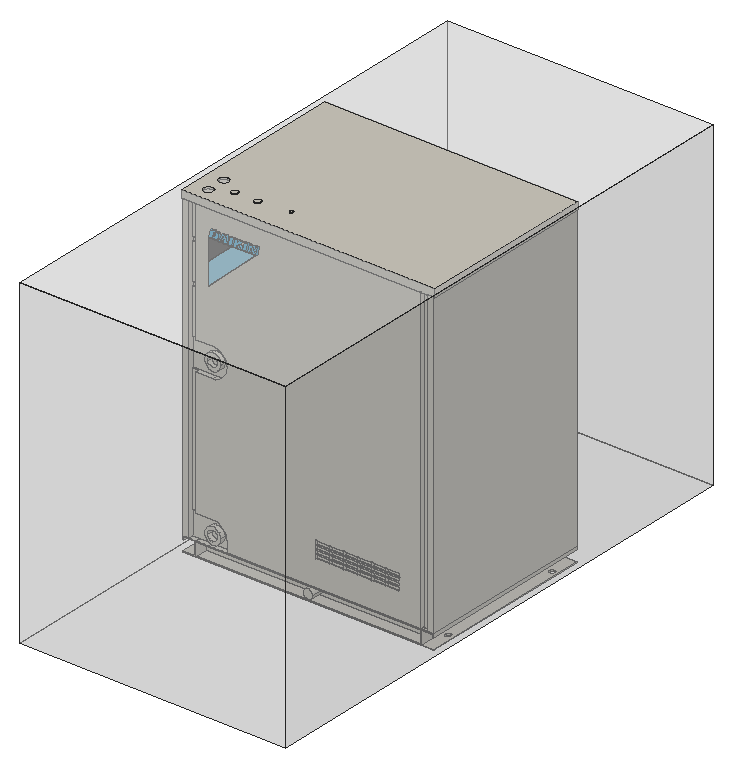
Revit family "outputfile", category 機械設備, Revit 2024
Family settings
  丸型コネクタ寸法 = 半径を使用
  種別 = なし
  パーツ タイプ = 標準
  OmniClass 番号 = 23.75.10.24.21.27.27
  OmniClass タイトル = Split System Air Conditioning Units
  作業面ベース = いいえ
  常に垂直 = はい
  ロード時にボイドで切り取り = いいえ
  注釈の向きを維持 = いいえ
  共有 = いいえ
  部屋計算ポイント = いいえ
Parameters (values of type "RWEYQ6TY14")
  製造元 = "Daikin"
  書き出し IFC クラス(タイプ) = "IfcUnitaryEquipmentType"
  定義済み IFC タイプ(タイプ) = "AIRCONDITIONINGUNIT"
  モデル = "RWEYQ6TY14"
  switch_unit1_6-8 = yes
  switch_unit1_12 = no
  switch_unit1_10 = no
  r_Water Outlet Pipe Connection_unit = Water Outlet Pipe Connection_Unit1 / 2  # 15.9 mm
  r_Water Inlet Pipe Connection_unit = Water Inlet Pipe Connection_Unit1 / 2  # 15.9 mm
  r_Drain Pipe Size = Drain Pipe Size / 2  # 6.35 mm
  lw_Water Outlet = 95.0 mm
  lw_Water Inlet = 95.0 mm
  lw_Drain = 390.0 mm
  angle_Drain [instance] = if(Rear Connection_Drain, 180.00°, 0.00°)  # 0.00°
  r_HP/LP Gas Pipe Size [instance] = [HP/LP Gas Pipe Size_Unit 1] / 2  # 9.55 mm
  lw_HP/LP Gas Pipe [instance] = if(Heat Pump, 178.0 mm, 107.0 mm)  # 178.0 mm
  ld_HP/LP Gas Pipe = 69.0 mm
  h_mountinghole = [h_***] + 2.3 mm  # 2.3 mm
  r_Liquid Pipe Size = Liquid Pipe Size_Unit 1 / 2  # 4.75 mm
  r_Gas Pipe Size = Gas Pipe Size_Unit 1 / 2  # 9.55 mm
  Water Outlet Pipe Connection_Unit1 = 31.8 mm
  Water Inlet Pipe Connection_Unit1 = 31.8 mm
  Voltage_comment_50Hz = "380-415"
  Voltage_50Hz = 400 V
  Top Connection_powersupply2 [instance] = not(Top Connection_powersupply1)  # no
  Sound Power Level (dB) = 64
  Rear Connection_Drain [instance] = not(Front Connection_Drain)  # no
  Power Input (Heating) = 2.690 kW
  Phase_50Hz = 3
  Nominal Heating Capacity = 18.000 kW
  Minimum Circuit Amps_50Hz = 13.6 A
  Maximum Fuse Amps_50Hz = 15.0 A
  Material_Heat Exchanger = DAIKIN_Blue_HE_outdoorunit
  Material_Casing = DAIKIN_IvoryWhite_Casing_outdoorunit
  lw_powersupply = 51.0 mm
  lw_liquidpipe = 274.0 mm
  lw_gaspipe [instance] = if(Heat Pump, 107.0 mm, 178.0 mm)  # 107.0 mm
  lh_powersupply = 940.0 mm
  ld_powersupply [instance] = if(Top Connection_powersupply1, 38.0 mm, 98.0 mm)  # 38.0 mm
  ld_liquidpipe = 79.0 mm
  ld_gaspipe = 69.0 mm
  h_*** = 0.0 mm
  Width = 780.0 mm
  Version = "ver.1.0"
  Unit Type = ""
  Unit Mass Weight = 146.00 kg
  Unit Designation [instance] = ""
  Uniclass2015Version = "Products v1.30"
  Uniclass2015Title = "Variable refrigerant flow units"
  Uniclass2015Code = "Pr_70_65_03_94"
  Total Cooling Capacity [instance] = 0.000 kW
  Sound Pressure Level (dBA) = 49
  Series = "VRV Heat Recovery"
  Refrigerant_Base Charge = 3.500 kg
  Refrigerant_Additional Charge [instance] = 0.000 kg
  Refrigerant Type = "R410A"
  Power Input (Cooling) = 2.580 kW
  Option Accessory 3 [instance] = ""
  Option Accessory 2 [instance] = ""
  Option Accessory 1 [instance] = ""
  Nominal Cooling Capacity = 16.000 kW
  Load Classification = HVAC
  Liquid Pipe Size_Unit 1 = 9.5 mm
  Link_Nested Family [instance] = ""
  IfcVersion = ""
  IfcExportType = "AIRCONDITIONINGUNIT"
  IfcExportAs = "IfcUnitaryEquipmentType"
  Height = 1000.0 mm
  Heat Recovery [instance] = not(Heat Pump)  # no
  Heat Pump [instance] = yes
  Heat Exchanger Type = "Stainless Steel Plate"
  HP/LP Gas Pipe Size_Unit 1 [instance] = if(and(Heat Pump, [switch_unit1_6-8]), 19.1 mm, if(and(Heat Pump, switch_unit1_10), 22.2 mm, if(and(Heat Pump, switch_unit1_12), 22.2 mm, if(and(Heat Recovery, [switch_unit1_6-8]), 15.9 mm, if(and(Heat Recovery, switch_unit1_10), 19.1 mm, if(and(Heat Recovery, switch_unit1_12), 19.1 mm, 19.1 mm))))))  # 19.1 mm
  Gas Pipe Size_Unit 1 = 19.1 mm
  Top Connection_powersupply1 [instance] = yes
  Front Connection_Drain [instance] = yes
  Frequency_50Hz = 50 Hz
  Drain Pipe Size = 12.7 mm
  Depth = 550.0 mm
  既定の高さ = 0.0 mm
  Cooling Ambient Wet Bulb Temperature [instance] = 0.00 °C
  Cooling Ambient Dry Bulb Temperature [instance] = 0.00 °C
  Compressor Type = "Hermetically Sealed Scroll Type"
  Clearance visibility [instance] = yes
  Clearance Top = 0.0 mm
  Clearance Right = 20.0 mm
  Clearance Rear = 500.0 mm
  Clearance Left = 20.0 mm
  Clearance Front = 600.0 mm
  Clearance Bottom = 0.0 mm
  CU Tag No. [instance] = ""
Reference planes
  plane 1 "Center (Front/Back)": y = 0
  plane 2 "h_***": z = 0
  plane 3 "Center (Left/Right)": x = 0
  plane 4 "Back": y = 275
  plane 5 "Front": y = -275
  plane 6 "Left": x = -390
  plane 7 "Right": x = 390
  plane 8 "Top": z = 1000
  plane 9 "Clearance Rear": y = 775
  plane 10 "Clearance Front": y = -875
  plane 11 "Clearance Left": x = -410
  plane 12 "Clearance Right": x = 410
  plane 13 "Clearance Top": z = 1000
  plane 14 "Clearance Bottom": z = 0
  plane 15 "Bottom": z = 0
  plane 16 "lw_powersupply": x = -339
  plane 17 "ld_powersupply": y = -237
  plane 18 "lw_liquidpipe": x = -116
  plane 19 "Rear Connection_refrigetant": y = -196
  plane 20 "lw_gaspipe": x = -283
  plane 21 "ld_gaspipe": y = -206
  plane 22 "lh_logo": z = 900
  plane 23 "lw_logo": x = 100
  plane 24 "lh_powersupply": z = 940
  plane 25 "lw_HP/LP Gas Pipe": x = -212
  plane 26 "ld_HP/LP Gas Pipe": y = -206
  plane 27 "lw_powersupply6": x = -295
  plane 28 "lw_powersupply7": x = -295
  plane 29 "lw_powersupply8": x = 0
Dimensions and locks
  equal spacing: plane 4 "Back", plane 1 "Center (Front/Back)", plane 5 "Front"
  "Depth": plane 4 "Back" to plane 5 "Front"
  equal spacing: plane 6 "Left", plane 3 "Center (Left/Right)", plane 7 "Right"
  "Width": plane 6 "Left" to plane 7 "Right"
  "Clearance Rear": plane 9 "Clearance Rear" to plane 4 "Back"
  "Clearance Front": plane 10 "Clearance Front" to plane 5 "Front"
  "Clearance Left": plane 11 "Clearance Left" to plane 6 "Left"
  "Clearance Right": plane 7 "Right" to plane 12 "Clearance Right"
  "Clearance Top": plane 13 "Clearance Top" to plane 8 "Top"
  "h_***": plane 15 "Bottom" to plane 2 "h_***"
  "Height": plane 8 "Top" to plane 15 "Bottom"
  "Clearance Bottom": plane 15 "Bottom" to plane 14 "Clearance Bottom"
  "ld_powersupply": plane 17 "ld_powersupply" to plane 5 "Front"
  "ld_liquidpipe": plane 19 "Rear Connection_refrigetant" to plane 5 "Front"
  "ld_gaspipe": plane 21 "ld_gaspipe" to plane 5 "Front"
  locked: plane 23 "lw_logo" to plane 7 "Right" at 290
  locked: plane 22 "lh_logo" to plane 15 "Bottom" at 900
  "lw_gaspipe": plane 6 "Left" to plane 20 "lw_gaspipe"
  "lw_liquidpipe": plane 6 "Left" to plane 18 "lw_liquidpipe"
  "lw_powersupply": plane 6 "Left" to plane 16 "lw_powersupply"
  "lh_powersupply": plane 24 "lh_powersupply" to plane 15 "Bottom"
  "lw_HP/LP Gas Pipe": plane 6 "Left" to plane 25 "lw_HP/LP Gas Pipe"
  "ld_HP/LP Gas Pipe": plane 26 "ld_HP/LP Gas Pipe" to plane 5 "Front"
  "lw_Water Inlet": plane 6 "Left" to plane 27 "lw_powersupply6"
  "lw_Water Outlet": plane 6 "Left" to plane 28 "lw_powersupply7"
  "lw_Drain": plane 6 "Left" to plane 29 "lw_powersupply8"
  aligned and locked: level to plane 2 "h_***"
  aligned and locked: plane 9 "Clearance Rear" to nested 2
  aligned and locked: nested 2 to plane 10 "Clearance Front"
  aligned and locked: plane 11 "Clearance Left" to nested 2
  aligned and locked: plane 12 "Clearance Right" to nested 2
  aligned and locked: plane 13 "Clearance Top" to nested 2
  aligned and locked: plane 14 "Clearance Bottom" to nested 2
  aligned and locked: plane 8 "Top" to nested 1
  aligned and locked: plane 22 "lh_logo" to nested 7
  aligned and locked: nested 8 to plane 16 "lw_powersupply"
  aligned and locked: nested 9 to plane 20 "lw_gaspipe"
  aligned and locked: nested 10 to plane 18 "lw_liquidpipe"
  aligned and locked: nested 10 to plane 19 "Rear Connection_refrigetant"
  aligned and locked: nested 9 to plane 21 "ld_gaspipe"
  aligned and locked: nested 8 to plane 17 "ld_powersupply"
  aligned and locked: plane 5 "Front" to nested 7
  aligned and locked: plane 24 "lh_powersupply" to nested 8
  aligned and locked: plane 1 "Center (Front/Back)" to nested 11
  aligned and locked: plane 1 "Center (Front/Back)" to nested 12
  aligned and locked: plane 1 "Center (Front/Back)" to nested 13
  aligned and locked: plane 27 "lw_powersupply6" to nested 11
  aligned and locked: plane 28 "lw_powersupply7" to nested 12
  aligned and locked: plane 29 "lw_powersupply8" to nested 13
  aligned and locked: plane 25 "lw_HP/LP Gas Pipe" to nested 14
  aligned and locked: nested 14 to plane 26 "ld_HP/LP Gas Pipe"
Nested families
  nested 1: "DAIKIN_outdoorunit_RWEYQ-TY14" at (-31, 0, 0), h_*** <- "h_***", Link_Nest <- "Link_Nested Family", h_mountinghole <- "h_mountinghole", Width <- "Width", type "RWEYQ-TY14"
    with show_fixedhole yes, h_mountinghole 2.3 mm, h_antenna_mountinghole 998.7 mm, h_*** 0.0 mm, array_bolt 5, Width 780.0 mm, Link_Nest ""
  nested 2: "daikin_clearancespace" at (0, -50, 500.119), visible <- "Clearance visibility", show <- "Clearance visibility", Link_Nested Family <- "Link_Nested Family", type "daikin_clearancespace"
    with width 820.0 mm, show yes, height 1000.0 mm, depth 1650.0 mm, Link_Nested Family ""
  nested 3: "daikin_mountinghole" at (-372, 200, 0), type "daikin_mountinghole"
    with show yes, l_antenna 998.7 mm, h_mountinghole 2.3 mm, Link_Nested Family ""
  nested 4: "daikin_mountinghole" at (372, 200, 0), type "daikin_mountinghole"
    with show yes, l_antenna 998.7 mm, h_mountinghole 2.3 mm, Link_Nested Family ""
  nested 5: "daikin_mountinghole" at (-372, -200, 0), type "daikin_mountinghole"
    with show yes, l_antenna 998.7 mm, h_mountinghole 2.3 mm, Link_Nested Family ""
  nested 6: "daikin_mountinghole" at (372, -200, 0), type "daikin_mountinghole"
    with show yes, l_antenna 998.7 mm, h_mountinghole 2.3 mm, Link_Nested Family ""
  nested 7: "daikin_logo_elevation_w150" at (-212.5, -275, 744.568), type "daikin_logo_elevation_w150"
    with show_logo yes
  nested 8: "daikin_connector_rotate3" at (-339, -237, 940) x (-1, 0, 0) z (0, 0, -1), type "daikin_connector_rotate3"
    with show no, radius 10.0 mm, length 60.0 mm, angle_vertical 0.00°, angle_horizontal 0.00°
  nested 9: "daikin_connector_rotate3" at (-283, -206, 940) x (-1, 0, 0) z (0, 0, -1), radius <- "r_Gas Pipe Size", type "daikin_connector_rotate3"
    with show no, radius 9.55 mm, length 60.0 mm, angle_vertical 0.00°, angle_horizontal 0.00°
  nested 10: "daikin_connector_rotate3" at (-116, -196, 940) x (-1, 0, 0) z (0, 0, -1), radius <- "r_Liquid Pipe Size", type "daikin_connector_rotate3"
    with show no, radius 4.75 mm, length 60.0 mm, angle_vertical 0.00°, angle_horizontal 0.00°
  nested 11: "daikin_connector_rotate3" at (-295, 0, 76), radius <- "r_Water Inlet Pipe Connection_unit", type "daikin_connector_rotate3"
    with show no, radius 15.9 mm, length 275.0 mm, angle_vertical 90.00°, angle_horizontal 0.00°
  nested 12: "daikin_connector_rotate3" at (-295, 0, 556), radius <- "r_Water Outlet Pipe Connection_unit", type "daikin_connector_rotate3"
    with show no, radius 15.9 mm, length 275.0 mm, angle_vertical 90.00°, angle_horizontal 0.00°
  nested 13: "daikin_connector_rotate3" at (0, 0, 19), angle_horizontal <- "angle_Drain", radius <- "r_Drain Pipe Size", type "daikin_connector_rotate3"
    with show no, radius 6.35 mm, length 275.0 mm, angle_vertical 90.00°, angle_horizontal 0.00°
  nested 14: "daikin_connector_rotate3" at (-212, -206, 940) x (1, 0, 0) z (0, 0, -1), radius <- "r_HP/LP Gas Pipe Size", type "daikin_connector_rotate3"
    with show no, radius 9.55 mm, length 60.0 mm, angle_vertical 0.00°, angle_horizontal 0.00°
Connectors
  piping at (-116, -196, 1000), diameter 9.5, driven by "r_Liquid Pipe Size"
    settings: on nested 10, index 12, connector inside diameter 609.6 mm, connector length 0.0 mm, flow factor 0, pipe flow 0.00 m³/h, pressure drop 0.0 Pa, fitting loss kfactor 0, connector angle 0.00°, fixture units 0, engagement length 0.0 mm, angle of deflection 0.00°, flow configuration 0, flow direction 2, fitting loss method 0, system type 29, joint type 0, gender type 0, connector reference index -1, connector utility 0, adjustable connector no, is connector primary no, connector description "Refrigerant Liquid Piping"
  electrical at (-339, -237, 1000), driven by "Load Classification"
    settings: on nested 8, index 13, voltage 0 V, apparent load 0 VA, apparent load phase1 0 VA, apparent load phase2 0 VA, apparent load phase3 0 VA, power factor 1, load classification "HVAC", number of poles 1, system type 30, power factor state 1, is connector primary yes, connector utility no, sub classification motor no, connector description "Power Supply"
  piping at (-295, -275, 556), diameter 31.8, driven by "r_Water Outlet Pipe Connection_unit"
    settings: on nested 12, index 15, connector inside diameter 609.6 mm, connector length 0.0 mm, flow factor 0, pipe flow 0.00 m³/h, pressure drop 0.0 Pa, fitting loss kfactor 0, connector angle 0.00°, fixture units 0, engagement length 0.0 mm, angle of deflection 0.00°, flow configuration 1, flow direction 2, fitting loss method 0, system type 8, joint type 0, gender type 0, connector reference index -1, connector utility 0, adjustable connector no, is connector primary no, connector description "Cooling Water Outlet Piping"
  piping at (-295, -275, 76), diameter 31.8, driven by "r_Water Inlet Pipe Connection_unit"
    settings: on nested 11, index 16, connector inside diameter 609.6 mm, connector length 0.0 mm, flow factor 0, pipe flow 0.00 m³/h, pressure drop 0.0 Pa, fitting loss kfactor 0, connector angle 0.00°, fixture units 0, engagement length 0.0 mm, angle of deflection 0.00°, flow configuration 1, flow direction 1, fitting loss method 0, system type 7, joint type 0, gender type 0, connector reference index -1, connector utility 0, adjustable connector no, is connector primary no, connector description "Cooling Water Inlet  Piping"
  piping at (0, -275, 19), diameter 12.7, driven by "r_Drain Pipe Size"
    settings: on nested 13, index 17, connector inside diameter 609.6 mm, connector length 0.0 mm, flow factor 0, pipe flow 0.00 m³/h, pressure drop 0.0 Pa, fitting loss kfactor 0, connector angle 0.00°, fixture units 0, engagement length 0.0 mm, angle of deflection 0.00°, flow configuration 1, flow direction 2, fitting loss method 4, system type 16, joint type 0, gender type 0, connector reference index -1, connector utility 0, adjustable connector no, is connector primary no, connector description "Condensate Drain Piping"
  piping at (-212, -206, 1000), diameter 19.1, driven by "r_HP/LP Gas Pipe Size"
    settings: on nested 14, index 19, connector inside diameter 609.6 mm, connector length 0.0 mm, flow factor 0, pipe flow 0.00 m³/h, pressure drop 0.0 Pa, fitting loss kfactor 0, connector angle 0.00°, fixture units 0, engagement length 0.0 mm, angle of deflection 0.00°, flow configuration 0, flow direction 0, fitting loss method 0, system type 29, joint type 0, gender type 0, connector reference index -1, connector utility 0, adjustable connector no, is connector primary no, connector description "Refrigerant HP/LP Gas Piping"
  piping at (-283, -206, 1000), diameter 19.1, driven by "r_Gas Pipe Size"
    settings: on nested 9, index 20, connector inside diameter 609.6 mm, connector length 0.0 mm, flow factor 0, pipe flow 0.00 m³/h, pressure drop 0.0 Pa, fitting loss kfactor 0, connector angle 0.00°, fixture units 0, engagement length 0.0 mm, angle of deflection 0.00°, flow configuration 0, flow direction 1, fitting loss method 0, system type 29, joint type 0, gender type 0, connector reference index -1, connector utility 0, adjustable connector no, is connector primary yes, connector description "Refrigerant Gas Piping"
Definition of nested family "DAIKIN_outdoorunit_RWEYQ-TY14"
  Parameters (values of type "RWEYQ-TY14")
    w_wiremesh_right = 668.0 mm  # constant formula
    w_wiremesh_left = 590.0 mm  # constant formula
    w_wiremesh_front = 248.0 mm  # constant formula
    switch_unit1_6-8 = yes
    switch_unit1_12 = no
    switch_unit1_10 = no
    show_fixedhole [instance] = yes
    material_heatexchanger = none
    material_casing = none
    ld_hole1_bottom = 154.0 mm  # constant formula
    h_wiremesh = 900.0 mm  # constant formula
    h_mountinghole [instance] = 2.3 mm
    h_antenna_mountinghole [instance] = Height + 1.0 mm - 2.3 mm  # 998.7 mm
    h_*** [instance] = 0.0 mm
    array_bolt [instance] = 5
    Width [instance] = 780.0 mm
    Liquid Pipe Size_Unit 1 = if([switch_unit1_6-8], 9.5 mm, if(switch_unit1_10, 9.5 mm, if(switch_unit1_12, 12.7 mm, 9.5 mm)))  # 9.5 mm
    Link_Nest [instance] = ""
    Height = 1000.0 mm
    Heat Recovery = not(Heat Pump)  # no
    Heat Pump = yes
    HP/LP Pipe Size_Unit 1_L = if(Heat Pump, 178.0 mm, 107.0 mm)  # 178.0 mm
    HP/LP Pipe Size_Unit 1 = if(Heat Recovery, if([switch_unit1_6-8], 15.9 mm, if(switch_unit1_10, 19.1 mm, if(switch_unit1_12, 19.1 mm, 15.9 mm))), if([switch_unit1_6-8], 19.1 mm, if(switch_unit1_10, 22.2 mm, if(switch_unit1_12, 22.2 mm, 19.1 mm))))  # 19.1 mm
    Gas Pipe Size_Unit 1_L = if(Heat Pump, 107.0 mm, 178.0 mm)  # 107.0 mm
    Gas Pipe Size_Unit 1_H = 60.0 mm  # constant formula
    Gas Pipe Size_Unit 1 = if([switch_unit1_6-8], 19.1 mm, if(switch_unit1_10, 22.2 mm, if(switch_unit1_12, 22.2 mm, 19.1 mm)))  # 19.1 mm
    Depth = 550.0 mm
    Default Elevation = 0.0 mm
  Reference planes
    plane 1 "Center (Front/Back)": y = 0
    plane 2 "reference_level": z = 0
    plane 3 "Center (Left/Right)": x = 31
    plane 4 "Bottom": z = 0
    plane 5: x = 421
    plane 6: x = -359
    plane 7 "Back": y = 275
    plane 8 "Front": y = -275
    plane 9: z = 1000
    plane 10: z = 976
    plane 11: y = -255
    plane 12: y = 255
    plane 13: x = -337
    plane 14: x = 399
    plane 15: x = -341
    plane 16: z = 45
    plane 17: x = 403
    plane 18: y = 200
    plane 19: y = -200
    plane 20: z = 1060
    plane 21: z = 19
    plane 22: z = 1000
    plane 23: z = 940
  Forms (mm)
    Extrusion 1, solid, material <- "material_heatexchanger"
      sketch origin (0, 0, 0) x (1, 0, 0) y (0, 1, 0)
        loop
          line (-337, 255) -> (-337, -255) -> (399, -255) -> (399, 255) -> (-337, 255)
      from 54 to 976
    Extrusion 2, void
      sketch origin (0, 350, 0) x (1, 0, 0) y (0, 1, 0)
        loop
          circle (-341, -150) r 8.5
        loop
          circle (403, -150) r 8.5
        loop
          circle (403, -550) r 8.5
        loop
          circle (-341, -550) r 8.5
      from 0 to 29.064
    Extrusion 3, solid, material <- "material_casing"
      sketch origin (620, -305, 0) x (-1, 0, 0) y (0, 0, 1)
        loop
          line (204.3, 35.061) -> (204.3, 42.7) -> (239.7, 42.7) -> (239.7, 2.3) -> (201, 2.3) -> (201, 0) -> (242, 0) -> (242, 45) -> (201, 45) -> (201, 35.061) -> (204.3, 35.061)
        loop
          line (973.7, 35.061) -> (977, 35.061) -> (977, 45) -> (936, 45) -> (936, 0) -> (977, 0) -> (977, 2.3) -> (938.3, 2.3) -> (938.3, 42.7) -> (973.7, 42.7) -> (973.7, 35.061)
      from 30 to 580
    Extrusion 4, solid, material <- "material_casing"
      sketch origin (31, 0, 0) x (0, 1, 0) y (0, 0, 1)
        loop
          line (-275, 45) -> (-275, 42.7) -> (-236.3, 42.7) -> (-236.3, 2.3) -> (-275, 2.3) -> (-275, 0) -> (-234, 0) -> (-234, 45) -> (-275, 45)
        loop
          line (275, 45) -> (234, 45) -> (234, 0) -> (275, 0) -> (275, 2.3) -> (236.3, 2.3) -> (236.3, 42.7) -> (275, 42.7) -> (275, 45)
      from -347 to 347
    Extrusion 5, solid, material <- "material_casing"
      sketch origin (0, 0, 0) x (1, 0, 0) y (0, 1, 0)
        loop
          circle (-85, -196) r 4.75
        loop
          circle (-181, -206) r 9.55
      from 940 to 1000
    Extrusion 6, solid, material <- "material_casing"
      sketch origin (-663.497, -190, 1200) x (-1, 0, 0) y (0, 0, 1)
        loop
          circle (-694.497, -1181) r 14
      from -85 to -46.3
    Extrusion 7, solid, material <- "material_casing"
      sketch origin (-663.497, 321.3, 1200) x (-1, 0, 0) y (0, 0, 1)
        loop
          circle (-694.497, -1181) r 14
      from -85 to -46.3
    Extrusion 8, solid, material <- "material_casing"
      sketch origin (0, -500, 0) x (1, 0, 0) y (0, 1, 0)
        loop
          circle (-252, 294) r 9.55
      from 940 to 1000
  Cuts and joins
    Extrusion 2 cuts Extrusion 3
  Dimensions and locks
    equal spacing: plane 6, plane 3 "Center (Left/Right)", plane 5
    "Width": plane 6 to plane 5
    locked: plane 9 to plane 10 at 24
    "Depth": plane 8 "Front" to plane 7 "Back"
    equal spacing: plane 7 "Back", plane 1 "Center (Front/Back)", plane 8 "Front"
    locked: plane 12 to plane 7 "Back" at 20
    locked: plane 11 to plane 8 "Front" at 20
    locked: plane 6 to plane 13 at 22
    locked: plane 14 to plane 5 at 22
    locked: plane 6 to plane 15 at 18
    "h_***": plane 4 "Bottom" to plane 2 "reference_level"
    locked: plane 16 to plane 4 "Bottom" at 45
    "Height": plane 9 to plane 4 "Bottom"
    locked: plane 5 to Extrusion 3 sketch curve at 2  (x2)
    locked: Extrusion 3 sketch curve to Extrusion 3 sketch curve at 41  (x2)
    locked: Extrusion 3 sketch curve to Extrusion 3 sketch curve at 3.3  (x2)
    locked: Extrusion 3 sketch curve to plane 6 at 2  (x2)
    locked: plane 8 "Front" to Extrusion 4 sketch curve at 41
    locked: Extrusion 4 sketch curve to plane 7 "Back" at 41
    locked: plane 17 to plane 5 at 18
    plane 19 to plane 8 "Front" = 75.0 mm
    locked: plane 18 to plane 7 "Back" at 75
    locked: Extrusion 5 sketch curve to plane 8 "Front" at 79
    locked: plane 6 to Extrusion 5 sketch curve at 274
    "HP/LP Pipe Size_Unit 1_L": plane 6 to Extrusion 5 sketch curve
    locked: Extrusion 5 sketch curve to plane 8 "Front" at 69
    locked: plane 20 to plane 9 at 60
    locked: plane 21 to plane 4 "Bottom" at 19
    "Gas Pipe Size_Unit 1_L": plane 6 to Extrusion 8 sketch curve
    locked: Extrusion 8 sketch curve to plane 8 "Front" at 69
    "Gas Pipe Size_Unit 1_H": plane 20 to plane 22
    plane 22 to plane 23 = 60.0 mm
    "HP/LP Pipe Size_Unit 1": diameter of Extrusion 5 sketch curve
    "Liquid Pipe Size_Unit 1": diameter of Extrusion 5 sketch curve
    "Gas Pipe Size_Unit 1": diameter of Extrusion 8 sketch curve
    aligned and locked: level to plane 2 "reference_level"
    aligned and locked: plane 12 to Extrusion 1 sketch curve
    aligned and locked: plane 11 to Extrusion 1 sketch curve
    aligned and locked: plane 13 to Extrusion 1 sketch curve
    aligned and locked: plane 14 to Extrusion 1 sketch curve
    aligned and locked: plane 10 to Extrusion 1
    aligned and locked: plane 11 to nested 1
    aligned and locked: plane 10 to nested 4
    aligned and locked: nested 5 to plane 9
    aligned and locked: plane 10 to nested 3
    aligned and locked: plane 10 to nested 2
    aligned and locked: plane 13 to nested 4
    aligned and locked: plane 14 to nested 2
    aligned and locked: plane 12 to nested 3
    aligned and locked: plane 15 to nested 7
    aligned and locked: plane 15 to nested 9
    aligned and locked: plane 8 "Front" to nested 5
    aligned and locked: plane 6 to nested 5
    aligned and locked: plane 10 to nested 1
    aligned and locked: plane 13 to nested 1
    aligned and locked: nested 2 to plane 1 "Center (Front/Back)"
    aligned and locked: nested 3 to plane 3 "Center (Left/Right)"
    aligned and locked: plane 1 "Center (Front/Back)" to nested 4
    aligned and locked: nested 6 to plane 3 "Center (Left/Right)"
    aligned and locked: plane 1 "Center (Front/Back)" to nested 6
    aligned and locked: plane 16 to Extrusion 3 sketch curve
    aligned and locked: Extrusion 3 sketch curve to plane 4 "Bottom"
    aligned and locked: Extrusion 3 sketch curve to plane 16
    aligned and locked: plane 4 "Bottom" to Extrusion 3 sketch curve
    aligned and locked: Extrusion 3 to plane 7 "Back"
    aligned and locked: Extrusion 3 to plane 8 "Front"
    aligned and locked: plane 8 "Front" to Extrusion 4 sketch curve  (x2)
    aligned and locked: plane 4 "Bottom" to Extrusion 4 sketch curve
    aligned and locked: Extrusion 4 sketch curve to plane 16
    aligned and locked: Extrusion 4 sketch curve to plane 7 "Back"  (x2)
    aligned and locked: plane 18 to Extrusion 2 sketch curve  (x2)
    aligned and locked: plane 15 to Extrusion 2 sketch curve  (x2)
    aligned and locked: plane 17 to Extrusion 2 sketch curve  (x2)
    aligned and locked: plane 17 to nested 8
    aligned and locked: plane 18 to nested 8
    aligned and locked: plane 18 to nested 7
    aligned and locked: nested 7 to plane 15
    aligned and locked: nested 9 to plane 19
    aligned and locked: nested 9 to plane 15
    aligned and locked: nested 10 to plane 19
    aligned and locked: plane 17 to nested 10
    aligned and locked: plane 19 to Extrusion 2 sketch curve  (x2)
    aligned and locked: plane 21 to Extrusion 6 sketch curve
    aligned and locked: plane 3 "Center (Left/Right)" to Extrusion 6 sketch curve
    aligned and locked: plane 22 to Extrusion 8
    aligned and locked: Extrusion 8 to plane 23
    aligned and locked: Extrusion 5 to plane 23
    aligned and locked: Extrusion 5 to plane 22
  Automatic sketch dimensions
    Extrusion 3 sketch curve to Extrusion 3 sketch curve = 2.3 mm  (x2)
    level to Extrusion 3 sketch curve = 2.3 mm  (x2)
    Extrusion 3 sketch curve to plane 16 = 9.939 mm  (x2)
    Extrusion 3 sketch curve to plane 16 = 2.3 mm  (x2)
    Extrusion 4 sketch curve to level = 0.0 mm
    Extrusion 4 sketch curve to plane 16 = 0.0 mm
    Extrusion 4 sketch curve to Extrusion 4 sketch curve = 2.3 mm  (x2)
    level to Extrusion 4 sketch curve = 2.3 mm  (x2)
    Extrusion 4 sketch curve to plane 16 = 2.3 mm  (x2)
    Extrusion 7 sketch curve to plane 3 "Center (Left/Right)" = 0.0 mm
    Extrusion 7 sketch curve to plane 21 = 0.0 mm
    radius of Extrusion 2 sketch curve = 8.5 mm  (x4)
    radius of Extrusion 6 sketch curve = 14.0 mm
    radius of Extrusion 7 sketch curve = 14.0 mm
  Nested families
    nested 1: "outdoorunit_frontpanel" at (-337, -265, 45), material <- "material_casing", type "frontpanel1"
      with material none
    nested 2: "outdoorunit_rightpanel1" at (409, -275, 45) x (0, 1, 0) z (0, 0, 1), material <- "material_casing", type "frontpanel1"
      with material none
    nested 3: "outdoorunit_backpanel" at (399, 265, 45) x (-1, 0, 0) z (0, 0, 1), material <- "material_casing", type "frontpanel1"
      with material none
    nested 4: "outdoorunit_leftpanel" at (-347, 275, 45) x (0, -1, 0) z (0, 0, 1), material <- "material_casing", type "frontpanel1"
      with material none
    nested 5: "outdoorunit_uppanel" at (-359, -275, 988) x (1, 0, 0) z (0, 1, 0), material <- "material_casing", type "frontpanel1"
      with material none
    nested 6: "outdoorunit_downpanel" at (399, 255, 56) x (-1, 0, 0) z (0, -1, 0), material <- "material_casing", type "frontpanel1"
      with material none
    nested 7: "daikin_mountinghole" at (-341, 200, 0), visible <- "show_fixedhole", Link_Nested Family <- "Link_Nest", l_antenna <- "h_antenna_mountinghole", h_mountinghole <- "h_mountinghole", type "daikin_mountinghole"
      with show yes, l_antenna 998.7 mm, h_mountinghole 2.3 mm, Link_Nested Family ""
    nested 8: "daikin_mountinghole" at (403, 200, 0), visible <- "show_fixedhole", Link_Nested Family <- "Link_Nest", l_antenna <- "h_antenna_mountinghole", h_mountinghole <- "h_mountinghole", type "daikin_mountinghole"
      with show yes, l_antenna 998.7 mm, h_mountinghole 2.3 mm, Link_Nested Family ""
    nested 9: "daikin_mountinghole" at (-341, -200, 0), visible <- "show_fixedhole", Link_Nested Family <- "Link_Nest", l_antenna <- "h_antenna_mountinghole", h_mountinghole <- "h_mountinghole", type "daikin_mountinghole"
      with show yes, l_antenna 998.7 mm, h_mountinghole 2.3 mm, Link_Nested Family ""
    nested 10: "daikin_mountinghole" at (403, -200, 0), visible <- "show_fixedhole", Link_Nested Family <- "Link_Nest", l_antenna <- "h_antenna_mountinghole", h_mountinghole <- "h_mountinghole", type "daikin_mountinghole"
      with show yes, l_antenna 998.7 mm, h_mountinghole 2.3 mm, Link_Nested Family ""
  Definition of nested family "outdoorunit_frontpanel"
    Parameters (values of type "frontpanel1")
      width = 736.0 mm
      material [instance] = none
      height1 = 931.0 mm
      depth = 20.0 mm
      Default Elevation = 0.0 mm
    Reference planes
      plane 1 "Center (Front/Back)": y = 0
      plane 2 "Bottom": z = 0
      plane 3: x = 0
      plane 4 "Back": y = 10
      plane 5 "Front": y = -10
      plane 6: x = 736
      plane 7 "Top": z = 931
      plane 8 "Left": x = 0
      plane 9 "Center L/S": y = 5
      plane 10 "Center L/T": y = -5
    Forms (mm)
      Extrusion 1, solid, material <- "material"
        sketch origin (0, 0, 0) x (1, 0, 0) y (0, 1, 0)
          loop
            line (0, 10) -> (0, -10) -> (736, -10) -> (736, 10) -> (0, 10)
        from 0 to 931
      Extrusion 2, void
        sketch origin (0, 0, 0) x (1, 0, 0) y (0, 0, 1)
          loop
            line (0, 931) -> (0, 0) -> (21, 0) -> (21, 931) -> (0, 931)
          loop
            line (736, 931) -> (715, 931) -> (715, 0) -> (736, 0) -> (736, 931)
        from 0 to 250
      Extrusion 3, void
        sketch origin (0, 0, 0) x (1, 0, 0) y (0, 0, 1)
          loop
            line (2, 931) -> (-33, 931) -> (-33, -14) -> (118, -14) -> (118, 31)
            arc (118, 31) -> (104.82, 62.82) -> (73, 76) r 45
            line (73, 76) -> (2, 76) -> (2, 466) -> (73, 466)
            arc (73, 466) -> (118, 511) -> (73, 556) r 45
            line (73, 556) -> (2, 556) -> (2, 692) -> (10.5, 692)
            arc (10.5, 692) -> (18, 699.5) -> (10.5, 707) r 7.5
            line (10.5, 707) -> (2, 707) -> (2, 817) -> (10.5, 817)
            arc (10.5, 817) -> (18, 824.5) -> (10.5, 832) r 7.5
            line (10.5, 832) -> (2, 832) -> (2, 931)
        from -5 to 250
      Extrusion 4, void
        sketch origin (0, 0, 0) x (1, 0, 0) y (0, 0, 1)
          loop
            line (734, 931) -> (734, 0) -> (972.161, 0) -> (972.161, 931) -> (734, 931)
        from -5 to 250
      Extrusion 5, solid, material <- "material"
        sketch origin (0, 0, 0) x (1, 0, 0) y (0, 0, 1)
          loop
            circle (73, 511) r 25
          loop
            circle (73, 511) r 15.5
          loop
            circle (73, 31) r 25
          loop
            circle (73, 31) r 15.5
        from -5 to 10
      Extrusion 6, void
        sketch origin (0, 0, 0) x (1, 0, 0) y (0, 0, 1)
          loop
            line (390.8, 131) -> (390.8, 118.75) -> (433.5, 118.75) -> (433.5, 131) -> (390.8, 131)
          loop
            line (390.8, 80) -> (433.5, 80) -> (433.5, 92.25) -> (390.8, 92.25) -> (390.8, 80)
          loop
            line (390.8, 117.75) -> (390.8, 106) -> (433.5, 106) -> (433.5, 117.75) -> (390.8, 117.75)
          loop
            line (390.8, 105) -> (390.8, 93.25) -> (433.5, 93.25) -> (433.5, 105) -> (390.8, 105)
          loop
            line (476.7, 131) -> (434.5, 131) -> (434.5, 118.75) -> (476.7, 118.75) -> (476.7, 131)
          loop
            line (434.5, 80) -> (476.7, 80) -> (476.7, 92.25) -> (434.5, 92.25) -> (434.5, 80)
          loop
            line (434.5, 117.75) -> (434.5, 106) -> (476.7, 106) -> (476.7, 117.75) -> (434.5, 117.75)
          loop
            line (434.5, 105) -> (434.5, 93.25) -> (476.7, 93.25) -> (476.7, 105) -> (434.5, 105)
          loop
            line (519.9, 131) -> (477.7, 131) -> (477.7, 118.75) -> (519.9, 118.75) -> (519.9, 131)
          loop
            line (477.7, 80) -> (519.9, 80) -> (519.9, 92.25) -> (477.7, 92.25) -> (477.7, 80)
          loop
            line (477.7, 117.75) -> (477.7, 106) -> (519.9, 106) -> (519.9, 117.75) -> (477.7, 117.75)
          loop
            line (477.7, 105) -> (477.7, 93.25) -> (519.9, 93.25) -> (519.9, 105) -> (477.7, 105)
          loop
            line (563.1, 131) -> (520.9, 131) -> (520.9, 118.75) -> (563.1, 118.75) -> (563.1, 131)
          loop
            line (520.9, 80) -> (563.1, 80) -> (563.1, 92.25) -> (520.9, 92.25) -> (520.9, 80)
          loop
            line (520.9, 117.75) -> (520.9, 106) -> (563.1, 106) -> (563.1, 117.75) -> (520.9, 117.75)
          loop
            line (520.9, 105) -> (520.9, 93.25) -> (563.1, 93.25) -> (563.1, 105) -> (520.9, 105)
          loop
            line (606.3, 131) -> (564.1, 131) -> (564.1, 118.75) -> (606.3, 118.75) -> (606.3, 131)
          loop
            line (564.1, 80) -> (606.3, 80) -> (606.3, 92.25) -> (564.1, 92.25) -> (564.1, 80)
          loop
            line (564.1, 117.75) -> (564.1, 106) -> (606.3, 106) -> (606.3, 117.75) -> (564.1, 117.75)
          loop
            line (564.1, 105) -> (564.1, 93.25) -> (606.3, 93.25) -> (606.3, 105) -> (564.1, 105)
          loop
            line (650, 131) -> (607.3, 131) -> (607.3, 118.75) -> (650, 118.75) -> (650, 131)
          loop
            line (607.3, 80) -> (650, 80) -> (650, 92.25) -> (607.3, 92.25) -> (607.3, 80)
          loop
            line (607.3, 117.75) -> (607.3, 106) -> (650, 106) -> (650, 117.75) -> (607.3, 117.75)
          loop
            line (607.3, 105) -> (607.3, 93.25) -> (650, 93.25) -> (650, 105) -> (607.3, 105)
        from 5 to 250
    Cuts and joins
      Extrusion 2, Extrusion 3, Extrusion 4, Extrusion 6 cuts Extrusion 1
    Dimensions and locks
      equal spacing: plane 4 "Back", plane 1 "Center (Front/Back)", plane 5 "Front"
      "depth": plane 4 "Back" to plane 5 "Front"
      "width": plane 8 "Left" to plane 6
      "height1": plane 7 "Top" to plane 2 "Bottom"
      locked: plane 8 "Left" to Extrusion 2 sketch curve at 21
      locked: Extrusion 2 sketch curve to plane 6 at 21
      locked: plane 9 "Center L/S" to plane 1 "Center (Front/Back)" at 5
      locked: Extrusion 3 sketch curve to Extrusion 3 sketch curve at 15  (x2)
      locked: plane 7 "Top" to Extrusion 3 sketch curve at 99
      locked: Extrusion 3 sketch curve to plane 8 "Left" at 10.5
      locked: Extrusion 3 sketch curve to Extrusion 3 sketch curve at 125
      locked: Extrusion 3 sketch curve to Extrusion 3 sketch curve at 90  (x2)
      locked: Extrusion 3 sketch curve to plane 8 "Left" at 73
      locked: Extrusion 3 sketch curve to Extrusion 3 sketch curve at 136
      locked: Extrusion 3 sketch curve to plane 2 "Bottom" at 76
      locked: Extrusion 3 sketch curve to Extrusion 3 sketch curve at 390
      locked: plane 6 to Extrusion 4 sketch curve at 2
      locked: plane 10 "Center L/T" to plane 1 "Center (Front/Back)" at 5
      aligned and locked: level to plane 2 "Bottom"
      aligned and locked: plane 8 "Left" to Extrusion 1 sketch curve
      aligned and locked: Extrusion 1 sketch curve to plane 4 "Back"
      aligned and locked: plane 5 "Front" to Extrusion 1 sketch curve
      aligned and locked: Extrusion 1 to plane 2 "Bottom"
      aligned and locked: plane 7 "Top" to Extrusion 1
      aligned and locked: plane 3 to plane 8 "Left"
      aligned and locked: plane 8 "Left" to Extrusion 2 sketch curve
      aligned and locked: Extrusion 2 sketch curve to plane 7 "Top"
      aligned and locked: plane 2 "Bottom" to Extrusion 2 sketch curve
      aligned and locked: Extrusion 2 sketch curve to plane 2 "Bottom"
      aligned and locked: plane 6 to Extrusion 2 sketch curve
      aligned and locked: plane 7 "Top" to Extrusion 2 sketch curve
      aligned and locked: Extrusion 2 to plane 1 "Center (Front/Back)"
      aligned and locked: plane 9 "Center L/S" to Extrusion 3
      aligned and locked: Extrusion 4 sketch curve to plane 7 "Top"
      aligned and locked: plane 2 "Bottom" to Extrusion 4 sketch curve
      aligned and locked: Extrusion 4 to plane 9 "Center L/S"
      aligned and locked: Extrusion 5 to plane 5 "Front"
      aligned and locked: plane 9 "Center L/S" to Extrusion 5
      aligned and locked: Extrusion 6 to plane 10 "Center L/T"
    Automatic sketch dimensions
      Extrusion 1 sketch curve to plane 6 = 0.0 mm
      Extrusion 3 sketch curve to plane 7 "Top" = 0.0 mm
      plane 3 to Extrusion 3 sketch curve = 2.0 mm  (x4)
      plane 3 to Extrusion 3 sketch curve = 10.5 mm
      Extrusion 3 sketch curve to Extrusion 3 sketch curve = 71.0 mm
      level to Extrusion 3 sketch curve = 31.0 mm
      Extrusion 3 sketch curve to plane 3 = 33.0 mm
      plane 6 to Extrusion 4 sketch curve = 236.161 mm
      Extrusion 5 sketch curve to Extrusion 5 sketch curve = 0.0 mm  (x4)
      plane 3 to Extrusion 5 sketch curve = 73.0 mm  (x2)
      level to Extrusion 5 sketch curve = 31.0 mm
      Extrusion 5 sketch curve to plane 7 "Top" = 420.0 mm
      level to Extrusion 6 sketch curve = 131.0 mm
      Extrusion 6 sketch curve to plane 6 = 345.2 mm
      Extrusion 6 sketch curve to Extrusion 6 sketch curve = 0.0 mm  (x40)
      Extrusion 6 sketch curve to Extrusion 6 sketch curve = 42.7 mm  (x2)
      Extrusion 6 sketch curve to Extrusion 6 sketch curve = 1.0 mm  (x32)
      Extrusion 6 sketch curve to Extrusion 6 sketch curve = 42.2 mm  (x4)
      Extrusion 6 sketch curve to Extrusion 6 sketch curve = 12.25 mm  (x7)
      Extrusion 6 sketch curve to Extrusion 6 sketch curve = 11.75 mm  (x9)
      radius of Extrusion 5 sketch curve = 25.0 mm  (x2)
      radius of Extrusion 5 sketch curve = 15.5 mm  (x2)
  Definition of nested family "outdoorunit_rightpanel1"
    Parameters (values of type "frontpanel1")
      width = 550.0 mm
      material [instance] = none
      height1 = 931.0 mm
      depth = 20.0 mm
      Default Elevation = 0.0 mm
    Reference planes
      plane 1 "Center (Front/Back)": y = 0
      plane 2 "Bottom": z = 0
      plane 3: x = 0
      plane 4 "Back": y = 10
      plane 5 "Front": y = -10
      plane 6: x = 550
      plane 7 "Top": z = 931
      plane 8 "Left": x = 0
      plane 9: y = -8.75
      plane 10: z = 639
      plane 11: y = -5.75
      plane 12: y = -2.551
      plane 13: y = -13
      plane 14: x = 275
    Forms (mm)
      Extrusion 1, solid, material <- "material"
        sketch origin (0, 0, 0) x (1, 0, 0) y (0, 1, 0)
          loop
            line (0, 10) -> (0, -10) -> (550, -10) -> (550, 10) -> (0, 10)
        from 0 to 931
    Dimensions and locks
      equal spacing: plane 4 "Back", plane 1 "Center (Front/Back)", plane 5 "Front"
      "depth": plane 4 "Back" to plane 5 "Front"
      "width": plane 8 "Left" to plane 6
      "height1": plane 7 "Top" to plane 2 "Bottom"
      locked: plane 10 to plane 2 "Bottom" at 639
      locked: plane 12 to plane 11 at 3.199
      plane 5 "Front" to plane 13 = 3.0 mm
      equal spacing: plane 8 "Left", plane 14, plane 6
      aligned and locked: level to plane 2 "Bottom"
      aligned and locked: plane 8 "Left" to Extrusion 1 sketch curve
      aligned and locked: Extrusion 1 sketch curve to plane 4 "Back"
      aligned and locked: plane 5 "Front" to Extrusion 1 sketch curve
      aligned and locked: Extrusion 1 to plane 2 "Bottom"
      aligned and locked: plane 7 "Top" to Extrusion 1
      aligned and locked: plane 3 to plane 8 "Left"
    Automatic sketch dimensions
      Extrusion 1 sketch curve to plane 6 = 0.0 mm
  Definition of nested family "outdoorunit_backpanel"
    Parameters (values of type "frontpanel1")
      width = 736.0 mm
      material [instance] = none
      height1 = 931.0 mm
      depth = 20.0 mm
      Default Elevation = 0.0 mm
    Reference planes
      plane 1 "Center (Front/Back)": y = 0
      plane 2 "Bottom": z = 0
      plane 3: x = 0
      plane 4 "Back": y = 10
      plane 5 "Front": y = -10
      plane 6: x = 736
      plane 7 "Top": z = 931
      plane 8 "Left": x = 0
      plane 9: z = 639
      plane 10: x = 368
    Forms (mm)
      Extrusion 1, solid, material <- "material"
        sketch origin (0, 0, 0) x (1, 0, 0) y (0, 1, 0)
          loop
            line (0, 10) -> (0, -10) -> (736, -10) -> (736, 10) -> (0, 10)
        from 0 to 931
      Extrusion 2, void
        sketch origin (0, 0, 0) x (1, 0, 0) y (0, 1, 0)
          loop
            line (0, -4) -> (0, -10) -> (21, -10) -> (21, -7) -> (2, -7) -> (2, -4) -> (0, -4)
          loop
            line (736, -4) -> (734, -4) -> (734, -7) -> (715, -7) -> (715, -10) -> (736, -10) -> (736, -4)
        from 0 to 931
    Cuts and joins
      Extrusion 2 cuts Extrusion 1
    Dimensions and locks
      equal spacing: plane 4 "Back", plane 1 "Center (Front/Back)", plane 5 "Front"
      "depth": plane 4 "Back" to plane 5 "Front"
      "width": plane 8 "Left" to plane 6
      "height1": plane 7 "Top" to plane 2 "Bottom"
      locked: plane 9 to plane 2 "Bottom" at 639
      equal spacing: plane 8 "Left", plane 10, plane 6
      aligned and locked: level to plane 2 "Bottom"
      aligned and locked: plane 8 "Left" to Extrusion 1 sketch curve
      aligned and locked: Extrusion 1 sketch curve to plane 4 "Back"
      aligned and locked: plane 5 "Front" to Extrusion 1 sketch curve
      aligned and locked: Extrusion 1 to plane 2 "Bottom"
      aligned and locked: plane 7 "Top" to Extrusion 1
      aligned and locked: plane 3 to plane 8 "Left"
    Automatic sketch dimensions
      Extrusion 1 sketch curve to plane 6 = 0.0 mm
      Extrusion 2 sketch curve to plane 3 = 0.0 mm
      Extrusion 2 sketch curve to plane 5 "Front" = 0.0 mm  (x2)
      Extrusion 2 sketch curve to plane 6 = 0.0 mm
      plane 3 to Extrusion 2 sketch curve = 2.0 mm
      Extrusion 2 sketch curve to Extrusion 2 sketch curve = 19.0 mm
      Extrusion 2 sketch curve to Extrusion 2 sketch curve = 21.0 mm
      Extrusion 2 sketch curve to plane 6 = 2.0 mm
      Extrusion 2 sketch curve to Extrusion 2 sketch curve = 3.0 mm  (x4)
  Definition of nested family "outdoorunit_leftpanel"
    Parameters (values of type "frontpanel1")
      width = 550.0 mm
      material [instance] = none
      height1 = 931.0 mm
      depth = 20.0 mm
      Default Elevation = 0.0 mm
    Reference planes
      plane 1 "Center (Front/Back)": y = 0
      plane 2 "Bottom": z = 0
      plane 3: x = 0
      plane 4 "Back": y = 10
      plane 5 "Front": y = -10
      plane 6: x = 550
      plane 7 "Top": z = 931
      plane 8 "Left": x = 0
      plane 9: y = -8.75
      plane 10: z = 639
      plane 11: y = -5.75
      plane 12: y = -2.551
      plane 13: y = -13
      plane 14: x = 275
    Forms (mm)
      Extrusion 1, solid, material <- "material"
        sketch origin (0, 0, 0) x (1, 0, 0) y (0, 1, 0)
          loop
            line (0, 10) -> (0, -10) -> (550, -10) -> (550, 10) -> (0, 10)
        from 0 to 931
    Dimensions and locks
      equal spacing: plane 4 "Back", plane 1 "Center (Front/Back)", plane 5 "Front"
      "depth": plane 4 "Back" to plane 5 "Front"
      "width": plane 8 "Left" to plane 6
      "height1": plane 7 "Top" to plane 2 "Bottom"
      locked: plane 10 to plane 2 "Bottom" at 639
      locked: plane 12 to plane 11 at 3.199
      plane 5 "Front" to plane 13 = 3.0 mm
      equal spacing: plane 8 "Left", plane 14, plane 6
      aligned and locked: level to plane 2 "Bottom"
      aligned and locked: plane 8 "Left" to Extrusion 1 sketch curve
      aligned and locked: Extrusion 1 sketch curve to plane 4 "Back"
      aligned and locked: plane 5 "Front" to Extrusion 1 sketch curve
      aligned and locked: Extrusion 1 to plane 2 "Bottom"
      aligned and locked: plane 7 "Top" to Extrusion 1
      aligned and locked: plane 3 to plane 8 "Left"
    Automatic sketch dimensions
      Extrusion 1 sketch curve to plane 6 = 0.0 mm
  Definition of nested family "outdoorunit_uppanel"
    Parameters (values of type "frontpanel1")
      width = 780.0 mm
      material [instance] = none
      height1 = 550.0 mm
      depth = 24.0 mm
      Default Elevation = 0.0 mm
    Reference planes
      plane 1 "Center (Front/Back)": y = 0
      plane 2 "Bottom": z = 0
      plane 3: x = 0
      plane 4 "Back": y = 12
      plane 5 "Front": y = -12
      plane 6: x = 780
      plane 7 "Top": z = 550
      plane 8 "Left": x = 0
      plane 9: y = -8.75
      plane 10: z = 639
      plane 11: y = -5.75
      plane 12: y = -2.551
    Forms (mm)
      Extrusion 1, solid, material <- "material"
        sketch origin (0, 0, 0) x (1, 0, 0) y (0, 1, 0)
          loop
            line (0, 12) -> (0, -12) -> (780, -12) -> (780, 12) -> (0, 12)
        from 0 to 550
      Extrusion 2, void
        sketch origin (0, 0, 0) x (1, 0, 0) y (0, 0, 1)
          loop
            circle (51, 38) r 14.5
          loop
            circle (51, 98) r 14.5
        from 9 to 12
    Cuts and joins
      Extrusion 2 cuts Extrusion 1
    Dimensions and locks
      equal spacing: plane 4 "Back", plane 1 "Center (Front/Back)", plane 5 "Front"
      "depth": plane 4 "Back" to plane 5 "Front"
      "width": plane 8 "Left" to plane 6
      "height1": plane 7 "Top" to plane 2 "Bottom"
      locked: plane 10 to plane 2 "Bottom" at 639
      locked: Extrusion 2 sketch curve to plane 8 "Left" at 51  (x2)
      locked: Extrusion 2 sketch curve to level at 38
      locked: Extrusion 2 sketch curve to Extrusion 2 sketch curve at 60
      aligned and locked: level to plane 2 "Bottom"
      aligned and locked: plane 8 "Left" to Extrusion 1 sketch curve
      aligned and locked: Extrusion 1 sketch curve to plane 4 "Back"
      aligned and locked: Extrusion 1 sketch curve to plane 5 "Front"
      aligned and locked: Extrusion 1 to plane 2 "Bottom"
      aligned and locked: plane 7 "Top" to Extrusion 1
      aligned and locked: plane 3 to plane 8 "Left"
    Automatic sketch dimensions
      Extrusion 1 sketch curve to plane 6 = 0.0 mm
      radius of Extrusion 2 sketch curve = 14.5 mm  (x2)
  Definition of nested family "outdoorunit_downpanel"
    Parameters (values of type "frontpanel1")
      width = 736.0 mm
      material [instance] = none
      height1 = 510.0 mm
      depth = 20.0 mm
      Default Elevation = 0.0 mm
    Reference planes
      plane 1 "Center (Front/Back)": y = 0
      plane 2 "Bottom": z = 0
      plane 3: x = 0
      plane 4 "Back": y = 10
      plane 5 "Front": y = -10
      plane 6: x = 736
      plane 7 "Top": z = 510
      plane 8 "Left": x = 0
      plane 9: z = 255
      plane 10: y = -18
      plane 11: y = 6
      plane 12: y = 8
      plane 13: x = 368
    Forms (mm)
      Extrusion 1, solid, material <- "material"
        sketch origin (0, 0, 0) x (1, 0, 0) y (0, 1, 0)
          loop
            line (0, 10) -> (0, -10) -> (736, -10) -> (736, 10) -> (0, 10)
        from 0 to 510
    Dimensions and locks
      equal spacing: plane 4 "Back", plane 1 "Center (Front/Back)", plane 5 "Front"
      "depth": plane 4 "Back" to plane 5 "Front"
      "width": plane 8 "Left" to plane 6
      "height1": plane 7 "Top" to plane 2 "Bottom"
      plane 4 "Back" to plane 11 = 4.0 mm
      plane 4 "Back" to plane 12 = 2.0 mm
      equal spacing: plane 8 "Left", plane 13, plane 6
      equal spacing: plane 7 "Top", plane 9, plane 2 "Bottom"
      aligned and locked: level to plane 2 "Bottom"
      aligned and locked: plane 8 "Left" to Extrusion 1 sketch curve
      aligned and locked: Extrusion 1 sketch curve to plane 4 "Back"
      aligned and locked: plane 5 "Front" to Extrusion 1 sketch curve
      aligned and locked: Extrusion 1 to plane 2 "Bottom"
      aligned and locked: plane 7 "Top" to Extrusion 1
      aligned and locked: plane 3 to plane 8 "Left"
    Automatic sketch dimensions
      Extrusion 1 sketch curve to plane 6 = 0.0 mm
  Definition of nested family "daikin_mountinghole"
    Parameters (values of type "daikin_mountinghole")
      Default Elevation = 1219.2 mm
      Type Comments = "mountinghole"
      show [instance] = yes
      material = none
      l_centerline = 100.0 mm
      l_antenna [instance] = 100.0 mm
      h_mountinghole [instance] = 0.0 mm
      d_circle = 30.0 mm
      Link_Nested Family [instance] = ""
    Reference planes
      plane 1 "Center (Front/Back)": y = 0
      plane 2: z = 0
      plane 3 "Center (Left/Right)": x = 0
      plane 4: y = 50
      plane 5: x = -50
      plane 6: x = 50
      plane 7: y = -50
      plane 8 "h_mountinghole": z = 0
      plane 9: z = 100
    Lines and regions (mm)
      model lines, detail levels fine
        curve 1: circle (0, 0, 0) r 15 normal (0, 0, 1)
        curve 2: line (-50, 0, 0) -> (50, 0, 0)
        curve 3: line (0, 50, 0) -> (0, -50, 0)
      symbolic lines, detail levels fine
        curve 4: circle (0, 0, 0) r 15 normal (0, 0, 1)
        curve 5: line (-50, 0, 0) -> (50, 0, 0)
        curve 6: line (0, 50, 0) -> (0, -50, 0)
      model lines
        curve 7: line (0, 0, 100) -> (0, 0, 0)
    Dimensions and locks
      equal spacing: plane 4, plane 1 "Center (Front/Back)", plane 7
      "l_centerline": plane 4 to plane 7
      equal spacing: plane 5, plane 3 "Center (Left/Right)", plane 6
      "l_centerline": plane 5 to plane 6
      "l_antenna": plane 9 to plane 8 "h_mountinghole"
      "h_mountinghole": plane 8 "h_mountinghole" to plane 2
      "d_circle": diameter of curve 1
      "d_circle": diameter of curve 4
      aligned and locked: level to plane 2
      aligned and locked: plane 1 "Center (Front/Back)" to curve 1
      aligned and locked: plane 3 "Center (Left/Right)" to curve 1
      aligned and locked: plane 1 "Center (Front/Back)" to curve 2
      aligned and locked: curve 3 to plane 3 "Center (Left/Right)"
      aligned and locked: plane 6 to curve 2
      aligned and locked: plane 5 to curve 2
      aligned and locked: plane 4 to curve 3
      aligned and locked: plane 7 to curve 3
      aligned and locked: plane 1 "Center (Front/Back)" to curve 4
      aligned and locked: plane 3 "Center (Left/Right)" to curve 4
      aligned and locked: plane 6 to curve 5
      aligned and locked: plane 5 to curve 5
      aligned and locked: plane 1 "Center (Front/Back)" to curve 5
      aligned and locked: plane 4 to curve 6
      aligned and locked: plane 7 to curve 6
      aligned and locked: curve 6 to plane 3 "Center (Left/Right)"
      aligned and locked: curve 7 to plane 3 "Center (Left/Right)"
      aligned and locked: plane 9 to curve 7
      aligned and locked: plane 8 "h_mountinghole" to curve 7
Definition of nested family "daikin_clearancespace"
  Parameters (values of type "daikin_clearancespace")
    Description = "daikin_clearancespace"
    width [instance] = 1823.963 mm
    show [instance] = yes
    material = none
    height [instance] = 1359.762 mm
    depth [instance] = 880.0 mm
    Default Elevation = 0.0 mm
    Link_Nested Family [instance] = ""
  Reference planes
    plane 1 "Center (Front/Back)": y = 0
    plane 2 "Center (Elevation)": z = -0.119
    plane 3 "Center (Left/Right)": x = 0
    plane 4: y = 440
    plane 5: y = -440
    plane 6 "Right": x = 911.982
    plane 7 "Left": x = -911.982
    plane 8 "Top": z = 679.762
    plane 9 "Bottom": z = -680
  Forms (mm)
    Extrusion 1, solid, material <- "material", visible <- "show"
      sketch origin (0, 0, 0) x (1, 0, 0) y (0, 1, 0)
        loop
          line (-911.982, 440) -> (-911.982, -440) -> (911.982, -440) -> (911.982, 440) -> (-911.982, 440)
      from -680 to 679.762
  Lines and regions (mm)
    symbolic lines, visible <- "show"
      curve 1: line (911.982, 440, 0) -> (-911.982, 440, 0)
      curve 2: line (-911.982, 440, 0) -> (-911.982, -440, 0)
      curve 3: line (-911.982, -440, 0) -> (911.982, -440, 0)
      curve 4: line (911.982, -440, 0) -> (911.982, 440, 0)
      curve 5: line (911.982, 0, 679.762) -> (-911.982, 0, 679.762)
      curve 6: line (911.982, 0, -680) -> (911.982, 0, 679.762)
      curve 7: line (-911.982, 0, -680) -> (911.982, 0, -680)
      curve 8: line (-911.982, 0, 679.762) -> (-911.982, 0, -680)
      curve 9: line (0, 440, 679.762) -> (0, -440, 679.762)
      curve 10: line (0, -440, 679.762) -> (0, -440, -680)
      curve 11: line (0, 440, -680) -> (0, 440, 679.762)
      curve 12: line (0, -440, -680) -> (0, 440, -680)
  Dimensions and locks
    "width": plane 7 "Left" to plane 6 "Right"
    "depth": plane 4 to plane 5
    "height": plane 8 "Top" to plane 9 "Bottom"
    equal spacing: plane 7 "Left", plane 3 "Center (Left/Right)", plane 6 "Right"
    equal spacing: plane 4, plane 1 "Center (Front/Back)", plane 5
    equal spacing: plane 8 "Top", plane 2 "Center (Elevation)", plane 9 "Bottom"
    aligned and locked: level to plane 2 "Center (Elevation)"
    aligned and locked: Extrusion 1 sketch curve to plane 4
    aligned and locked: plane 7 "Left" to Extrusion 1 sketch curve
    aligned and locked: Extrusion 1 sketch curve to plane 5
    aligned and locked: Extrusion 1 sketch curve to plane 6 "Right"
    aligned and locked: plane 8 "Top" to Extrusion 1
    aligned and locked: curve 1 to Extrusion 1
    aligned and locked: curve 2 to Extrusion 1
    aligned and locked: curve 3 to Extrusion 1
    aligned and locked: curve 4 to Extrusion 1
    aligned and locked: curve 5 to Extrusion 1
    aligned and locked: curve 6 to Extrusion 1
    aligned and locked: curve 7 to Extrusion 1
    aligned and locked: curve 8 to Extrusion 1
    aligned and locked: curve 9 to Extrusion 1
    aligned and locked: curve 10 to Extrusion 1
    aligned and locked: curve 11 to Extrusion 1
    aligned and locked: curve 12 to Extrusion 1
    aligned and locked: Extrusion 1 to plane 9 "Bottom"
Definition of nested family "daikin_logo_elevation_w150"
  Parameters (values of type "daikin_logo_elevation_w150")
    width = 150.0 mm
    show_logo [instance] = yes
    material = none
    height = 180.0 mm
    depth = 5.0 mm
    Default Elevation = 0.0 mm
  Reference planes
    plane 1 "Center (Front/Back)": y = 0
    plane 2: z = 0
    plane 3 "Center (Left/Right)": x = 0
    plane 4 "top": z = 180
    plane 5: z = 155.432
    plane 6 "left": x = -90
    plane 7 "right": x = 60
    plane 8: y = -5
  Forms (mm)
    Extrusion 1, solid, visible <- "show_logo"
      sketch origin (0, 0, 0) x (1, 0, 0) y (0, 0, 1)
        loop
          line (-90, 22.832) -> (54.211, 155.432) -> (-19.804, 155.432) -> (-90, 91.131) -> (-90, 22.832)
      from 0 to 5
    Extrusion 2, solid, visible <- "show_logo"
      sketch origin (0, 0, 0) x (1, 0, 0) y (0, 0, 1)
        loop
          line (-90, 155.432) -> (-90, 91.131) -> (-19.804, 155.432) -> (-90, 155.432)
      from 0 to 5
    Extrusion 3, solid, visible <- "show_logo"
      sketch origin (0, 0, 0) x (1, 0, 0) y (0, 0, 1)
        loop
          line (-73.294, 180) -> (-84.431, 180) -> (-90, 157.726) -> (-73.294, 157.726)
          arc (-73.294, 157.726) -> (-66.673, 159.069) -> (-61.582, 163.51) r 13.209
          arc (-61.582, 163.51) -> (-59.344, 169.288) -> (-60.109, 175.436) r 12.685
          arc (-60.109, 175.436) -> (-61.683, 177.678) -> (-64.031, 179.088) r 6.606
          arc (-64.031, 179.088) -> (-68.629, 179.878) -> (-73.294, 180) r 32.396
        loop
          line (-78.863, 162.18) -> (-74.408, 162.18)
          arc (-74.408, 162.18) -> (-70.986, 164.473) -> (-69.002, 168.082) r 8.708
          arc (-69.002, 168.082) -> (-68.734, 170.84) -> (-69.386, 173.533) r 8.337
          arc (-69.386, 173.533) -> (-70.358, 174.487) -> (-71.624, 174.988) r 3.442
          line (-71.624, 174.988) -> (-76.078, 174.988) -> (-78.863, 162.18)
        loop
          line (-61.043, 157.726) -> (-54.918, 157.726) -> (-52.829, 161.624) -> (-44.059, 161.624) -> (-43.223, 157.726) -> (-33.2, 157.726) -> (-37.655, 180) -> (-48.792, 180) -> (-61.043, 157.726)
        loop
          line (-50.145, 166.635) -> (-45.133, 166.635) -> (-46.565, 173.318) -> (-50.145, 166.635)
        loop
          line (-24.847, 180) -> (-30.416, 157.726) -> (-20.949, 157.726) -> (-15.38, 180) -> (-24.847, 180)
        loop
          line (-15.38, 157.726) -> (-5.914, 157.726) -> (-4.4, 163.779) -> (0.212, 157.726) -> (11.906, 157.726) -> (2.996, 169.42) -> (15.804, 180) -> (5.78, 180) -> (-1.94, 173.623) -> (-0.345, 180) -> (-9.812, 180) -> (-15.38, 157.726)
        loop
          line (20.259, 180) -> (14.133, 157.726) -> (24.157, 157.726) -> (29.725, 180) -> (20.259, 180)
        loop
          line (29.725, 157.726) -> (36.408, 157.726) -> (39.555, 170.315) -> (43.647, 157.726) -> (54.784, 157.726) -> (60.353, 180) -> (53.671, 180) -> (50.281, 166.442) -> (45.874, 180) -> (35.294, 180) -> (29.725, 157.726)
      from 0 to 5
  Dimensions and locks
    "height": plane 4 "top" to plane 2
    locked: plane 4 "top" to plane 5 at 24.568
    "width": plane 6 "left" to plane 7 "right"
    "depth": plane 8 to plane 1 "Center (Front/Back)"
    aligned and locked: level to plane 2
    aligned and locked: plane 4 "top" to Extrusion 3  (x8)
    aligned and locked: plane 5 to Extrusion 1
    aligned and locked: plane 5 to Extrusion 2
    aligned and locked: plane 6 "left" to Extrusion 2
    aligned and locked: plane 6 "left" to Extrusion 1
    aligned and locked: Extrusion 3 to plane 8
    aligned and locked: Extrusion 1 to plane 8
    aligned and locked: Extrusion 2 to plane 8
  Automatic sketch dimensions
    level to Extrusion 1 sketch curve = 22.832 mm
    Extrusion 1 sketch curve to Extrusion 1 sketch curve = 68.298 mm
    Extrusion 1 sketch curve to plane 4 "top" = 24.568 mm
    Extrusion 1 sketch curve to plane 3 "Center (Left/Right)" = 19.804 mm
    Extrusion 2 sketch curve to plane 4 "top" = 24.568 mm
    Extrusion 2 sketch curve to plane 3 "Center (Left/Right)" = 19.804 mm
    Extrusion 2 sketch curve to Extrusion 2 sketch curve = 64.302 mm
    Extrusion 3 sketch curve to plane 4 "top" = 0.0 mm  (x8)
    Extrusion 3 sketch curve to plane 4 "top" = 0.912 mm
    Extrusion 3 sketch curve to Extrusion 3 sketch curve = 2.154 mm
    Extrusion 3 sketch curve to Extrusion 3 sketch curve = 6.245 mm
    Extrusion 3 sketch curve to plane 4 "top" = 4.564 mm
    Extrusion 3 sketch curve to Extrusion 3 sketch curve = 5.748 mm
    Extrusion 3 sketch curve to Extrusion 3 sketch curve = 2.001 mm
    Extrusion 3 sketch curve to Extrusion 3 sketch curve = 4.603 mm
    Extrusion 3 sketch curve to Extrusion 3 sketch curve = 0.59 mm
    Extrusion 3 sketch curve to Extrusion 3 sketch curve = 0.07 mm
    Extrusion 3 sketch curve to Extrusion 3 sketch curve = 1.49 mm
    Extrusion 3 sketch curve to plane 4 "top" = 5.012 mm
    Extrusion 3 sketch curve to Extrusion 3 sketch curve = 3.556 mm
    Extrusion 3 sketch curve to Extrusion 3 sketch curve = 5.569 mm  (x3)
    Extrusion 3 sketch curve to Extrusion 3 sketch curve = 0.309 mm
    Extrusion 3 sketch curve to Extrusion 3 sketch curve = 4.455 mm  (x4)
    Extrusion 3 sketch curve to Extrusion 3 sketch curve = 0.288 mm
    Extrusion 3 sketch curve to Extrusion 3 sketch curve = 0.689 mm
    Extrusion 3 sketch curve to Extrusion 3 sketch curve = 2.238 mm
    Extrusion 3 sketch curve to Extrusion 3 sketch curve = 4.528 mm
    Extrusion 3 sketch curve to Extrusion 3 sketch curve = 0.658 mm
    Extrusion 3 sketch curve to Extrusion 3 sketch curve = 2.931 mm
    Extrusion 3 sketch curve to Extrusion 3 sketch curve = 0.357 mm
    Extrusion 3 sketch curve to Extrusion 3 sketch curve = 0.101 mm
    Extrusion 3 sketch curve to Extrusion 3 sketch curve = 11.317 mm
    Extrusion 3 sketch curve to Extrusion 3 sketch curve = 0.539 mm
    Extrusion 3 sketch curve to Extrusion 3 sketch curve = 11.137 mm  (x2)
    Extrusion 3 sketch curve to Extrusion 3 sketch curve = 5.784 mm
    Extrusion 3 sketch curve to Extrusion 3 sketch curve = 10.024 mm  (x3)
    Extrusion 3 sketch curve to Extrusion 3 sketch curve = 0.835 mm
    Extrusion 3 sketch curve to Extrusion 3 sketch curve = 8.771 mm
    Extrusion 3 sketch curve to Extrusion 3 sketch curve = 2.088 mm
    Extrusion 3 sketch curve to Extrusion 3 sketch curve = 3.898 mm
